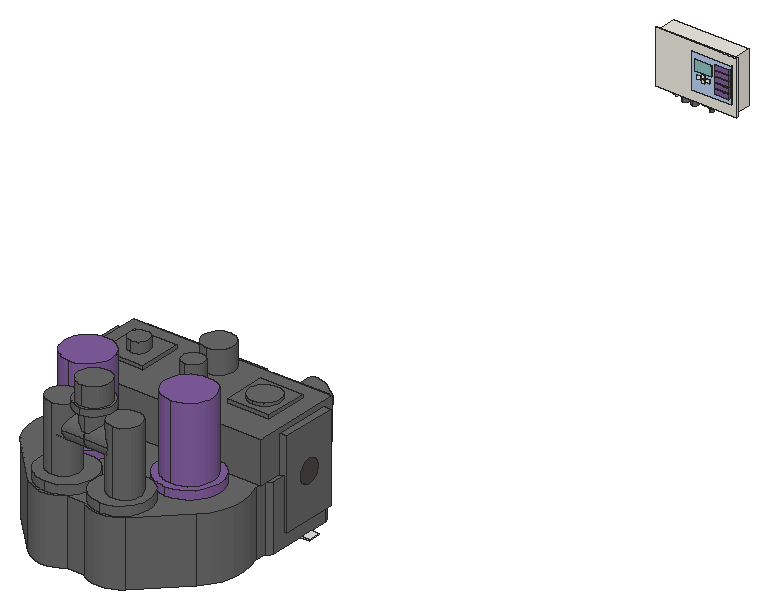
Revit family "28628-c", category Generic Models, Revit 2021 (continued)
Definition of nested family "28628-c_part2_X0Y0"
  Definition of nested family "28628-c_part2_content"
    Forms (mm)
      Extrusion 21, solid, detail levels medium+fine
        sketch origin (229.4, -74.8, 399.99) x (0, 1, 0) y (-1, 0, 0)
          loop
            circle (0, 0) r 55
        from 0 to 9
      Extrusion 22, solid, detail levels medium+fine
        sketch origin (-154.6, 2.2, 387.8) x (0, -1, 0) y (0, 0, 1)
          loop
            line (0, 12.2) -> (0, 0) -> (154, 0) -> (154, 12.2) -> (0, 12.2)
        from 0 to 152
      Extrusion 23, solid, detail levels medium+fine
        sketch origin (-230.6, -74.8, 399.99) x (0, 1, 0) y (-1, 0, 0)
          loop
            circle (0, 0) r 36
        from 0 to 36.5
      Extrusion 24, solid, detail levels medium+fine
        sketch origin (130, 64.5, 55.8) x (0, 1, 0) y (0, 0, 1)
          loop
            line (0, 315) -> (0, 0) -> (25.5, 0) -> (25.5, 315) -> (0, 315)
        from 0 to 200
      Extrusion 25, solid, detail levels medium+fine
        sketch origin (230, 89.99, 301) x (-1, 0, 0) y (0, 0, 1)
          loop
            circle (0, 0) r 55
        from 0 to 75
      Extrusion 26, solid, detail levels medium+fine
        sketch origin (230, 89.99, 81.07) x (-1, 0, 0) y (0, 0, 1)
          loop
            circle (0, 0) r 20
        from 0 to 75
      Extrusion 27, solid, detail levels medium+fine
        sketch origin (-330.3, 64.5, 56) x (0, 1, 0) y (0, 0, 1)
          loop
            line (0, 315) -> (0, 0) -> (25.5, 0) -> (25.5, 315) -> (0, 315)
        from 0 to 200
      Extrusion 28, solid, detail levels medium+fine
        sketch origin (-230.25, 89.99, 214) x (1, 0, 0) y (0, 0, -1)
          loop
            circle (0, 0) r 40
        from 0 to 1.5
      Extrusion 29, solid, detail levels medium+fine
        sketch origin (361.5, -175, 56) x (0, 1, 0) y (0, 0, 1)
          loop
            line (0, 315) -> (0, 0) -> (200, 0) -> (200, 315) -> (0, 315)
        from 0 to 28.5
      Extrusion 30, solid, detail levels medium+fine
        sketch origin (390, -74.999, 214) x (0, -1, 0) y (0, 0, -1)
          loop
            circle (0, 0) r 40
        from 0 to 1.5
      Extrusion 31, solid, detail levels medium+fine
        sketch origin (-390, -175, 56) x (0, 1, 0) y (0, 0, 1)
          loop
            line (0, 315) -> (0, 0) -> (200, 0) -> (200, 315) -> (0, 315)
        from 0 to 29.5
      Extrusion 32, solid, detail levels medium+fine
        sketch origin (-390, -75, 214) x (0, 1, 0) y (0, 0, -1)
          loop
            circle (0, 0) r 40
        from 0 to 1.5
      Extrusion 33, solid, detail levels medium+fine
        sketch origin (-378.5, -52.33, 0) x (0, -1, 0) y (0, 0, 1)
          loop
            line (0, 5) -> (0, 0) -> (45, 0) -> (45, 5) -> (0, 5)
        from 0 to 31.5
      Extrusion 34, solid, detail levels medium+fine
        sketch origin (377.3, -97.33, 0) x (0, 1, 0) y (0, 0, 1)
          loop
            line (0, 5) -> (0, 0) -> (45, 0) -> (45, 5) -> (0, 5)
        from 0 to 32.5
      Extrusion 35, solid, detail levels coarse
        sketch origin (-0.1, -256.505, 0) x (1, 0, 0) y (0, 1, 0)
          loop
            line (-409.9, -421.495) -> (409.9, -421.495) -> (409.9, 421.495) -> (-409.9, 421.495) -> (-409.9, -421.495)
        from 0 to 600
    Dimensions and locks
      aligned and locked: level to plane 2
